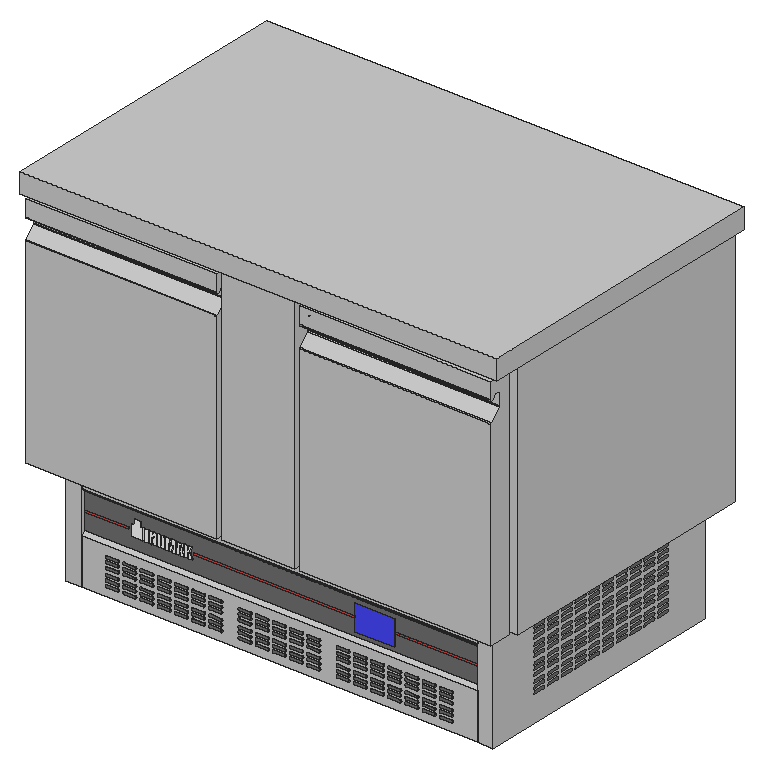
Revit family "QF_INOMAK_BPVP7300_250611012940", category Specialty Equipment, Revit 2021
Family settings
  Round Connector Dimension = Use Diameter
  Part Type = Normal
  OmniClass Number = 23.40.40.14
  OmniClass Title = Food Service Equipment
  Work Plane-Based = No
  Always vertical = Yes
  Cut with Voids When Loaded = No
  Shared = No
  Room Calculation Point = No
Parameters (values of type "BPVP7300")
  Weight [instance] = 91.00 kg
  Warranty Start Date [instance] = ""
  Warranty Duration [instance] = ""
  Volts [instance] = 230 V
  Volt Free Conn [instance] = no
  URL Recommended Spares List [instance] = ""
  URL Manufacturer [instance] = ""
  URL Cutsheet [instance] = ""
  URL Critical Spares List [instance] = ""
  URL = "www.inomak.com"
  Technical Documentation [instance] = ""
  Tag Number [instance] = ""
  Status [instance] = ""
  Start Up Current [instance] = 0 A
  Specification by User [instance] = ""
  Specification by Manufacturer [instance] = ""
  Sound Level [instance] = ""
  Show Logo [instance] = yes
  Show Clearances [instance] = yes
  Service Life Duration [instance] = ""
  Serial Number [instance] = ""
  Seismic Rating [instance] = ""
  SMACNA No [instance] = ""
  Revision Code [instance] = ""
  Revision [instance] = ""
  Production Year [instance] = ""
  Potential Equalisation [instance] = no
  Point Load [instance] = 0
  Phase [instance] = 1
  Other Equipment Approvals [instance] = ""
  Operational Current [instance] = 0 A
  Number of Poles [instance] = 2
  No Load Power Draw [instance] = no
  NAFEM Spec ID Number [instance] = ""
  Model Warning [instance] = ""
  Model = "BPVP7300"
  Min Ckt Ampacity [instance] = 0 A
  Max Overcurrent Protection [instance] = 10 A
  Masterspec [instance] = ""
  Manufacturer = "INOMAK"
  Main switch integrated [instance] = no
  Length Actual [instance] = 1080 mm
  Item Number [instance] = ""
  Installed By [instance] = ""
  Installation Date [instance] = ""
  Identify Quantity as Lot [instance] = no
  ID [instance] = ""
  Hygiene Approval [instance] = ""
  Height Actual [instance] = 858 mm
  HP power [instance] = ""
  Furnished By [instance] = ""
  Foodservice Equipment Identifier [instance] = no
  FL Amps [instance] = 2.8 A
  Electrical Remarks [instance] = ""
  Electric power [instance] = 340 W
  Electric Connection Type [instance] = ""
  Elec Conn RI Height [instance] = 0 mm
  Elec Conn Connection Height [instance] = 0 mm
  ETL Approved [instance] = no
  Description = "BOLETUS CHILLER COUNTER WITH 2 DOORS, BASE MOTOR"
  Depth Actual [instance] = 700 mm
  Default Elevation = 0 mm
  Cycle [instance] = 50 Hz
  Cost = 0
  Connection to energy optimisation system [instance] = yes
  Conn Plug [instance] = ""
  Conn Conduit [instance] = no
  Centralized building control system with digital interface [instance] = ""
  CSI MasterFormat [instance] = ""
  CE Approved [instance] = no
  Barcode [instance] = 0
  Author [instance] = ""
  Asset Identifier [instance] = ""
  Apparent Power [instance] = 340 VA
  Accessory [instance] = no
Reference planes
  plane 1 "Center (Front/Back)": y = 0
  plane 2: z = 0
  plane 3 "Center (Left/Right)": x = 0
Forms (mm)
  Extrusion 1, solid, not visible
    sketch origin (1000.049, -42.002, 150.007) x (1, 0, 0) y (0, 1, 0)
      loop
        line (-2, 2) -> (-2, -2) -> (2, -2) -> (2, 2) -> (-2, 2)
    from -2 to 2
Dimensions and locks
  locked: Extrusion 1 to nested 2
  locked: nested 2 to Extrusion 1 at 2
  aligned and locked: level to plane 2
Nested families
  nested 1: "QF_INOMAK_REF_BASE_MOTOR_2920" at (0, 0, 0), type "BPVP7300"
    with Weight 91.00 kg, Warranty Start Date "", Warranty Duration "", URL Cutsheet "", Technical Documentation "", Tag Number "", Status "", Specification by User "", Specification by Manufacturer "", Sound Level "", Solid Fuel Type "", Show Clearances yes, Show Clearance yes, Service Life Duration "", Serial Number "", Seismic Rating "", SMACNA No "", Revision Code "", Revision "", Production Year "", Point Load 0, Other Equipment Approvals "", NAFEM Spec ID Number "", Model Warning "", Masterspec "", Length Actual 1080 mm, Item Number "", Installed By "", Installation Date "", Identify Quantity as Lot yes, ID "", Hygiene Approval "", Height Actual 858 mm, Furnished By "", Foodservice Equipment Identifier yes, Finish none, ETL Approved yes, Depth Actual 700 mm, CSI MasterFormat "", CE Approved yes, Barcode "", Author "", Asset Identifier "", Accessory no
  nested 2: "CONN_POINT_ELE_2D___Generic_Annotation" at (1000.049, -40.002, 150.007), type "CONN_POINT_ELE_2D___Generic_Annotation"
    with Onboard connection annotation symbol visibility yes
  nested 3: "QF_INOMAK_REF_COUNTERS_WORKTOPS_5707" at (0, 0, 812), type "WTWT-1080-700"
    with Worktop without backsplash yes, Worktop with backsplash no, Worktop type 3, Worktop thickness 46 mm, Without worktop no, Weight 0.00 kg, Warranty Start Date "", Warranty Duration "", URL Cutsheet "", Technical Documentation "", Tag Number "", Status "", Specification by User "", Specification by Manufacturer "", Sound Level "", Solid Fuel Type "", Show Logo yes, Show Clearances yes, Service Life Duration "", Serial Number "", Seismic Rating "", SMACNA No "", Revision Code "", Revision "", Production Year "", Point Load 0, Other Equipment Approvals "", NAFEM Spec ID Number "", Model Warning "", Masterspec "", Length Actual 1080 mm, Item Number "", Installed By "", Installation Date "", Identify Quantity as Lot yes, ID "", Hygiene Approval "", Height Actual 46 mm, Height AFF 0 mm, Furnished By "", Foodservice Equipment Identifier yes, Finish none, ETL Approved yes, Depth Actual 700 mm, CSI MasterFormat "", CE Approved yes, Barcode "", Backsplash thickness 20 mm, Backsplash height 60 mm, Author "", Asset Identifier "", Accessory yes
Connectors
  electrical at (1000.049, -40.002, 150.007), driven by "Apparent Power", driven by "Number of Poles", driven by "Volts"
    settings: on Extrusion 1, index 1, voltage 230 V, apparent load 0 VA, apparent load phase1 340 VA, apparent load phase2 0 VA, apparent load phase3 0 VA, power factor 1, load classification "Other", number of poles 2, system type 31, power factor state 1, is connector primary yes, connector utility no, sub classification motor no, connector description "Electrical connection for BPVP7300"
Definition of nested family "QF_INOMAK_REF_BASE_MOTOR_2920"
  Parameters (values of type "BRVP7300")
    Weight [instance] = 0.00 kg
    Warranty Start Date [instance] = ""
    Warranty Duration [instance] = ""
    URL Cutsheet [instance] = ""
    URL = "www.inomak.com"
    Technical Documentation [instance] = ""
    Tag Number [instance] = ""
    Status [instance] = ""
    Specification by User [instance] = ""
    Specification by Manufacturer [instance] = ""
    Sound Level [instance] = ""
    Solid Fuel Type [instance] = ""
    Show Logo = yes
    Show Clearances [instance] = yes
    Show Clearance [instance] = yes
    Service Life Duration [instance] = ""
    Serial Number [instance] = ""
    Seismic Rating [instance] = ""
    SMACNA No [instance] = ""
    Revision Code [instance] = ""
    Revision [instance] = ""
    Production Year [instance] = ""
    Point Load [instance] = 0
    Other Equipment Approvals [instance] = ""
    NAFEM Spec ID Number [instance] = ""
    Model Warning [instance] = ""
    Model = "BRVP7300"
    Masterspec [instance] = ""
    Manufacturer = "INOMAK"
    Length Actual [instance] = 0 mm
    Item Number [instance] = ""
    Installed By [instance] = ""
    Installation Date [instance] = ""
    Identify Quantity as Lot [instance] = yes
    ID [instance] = ""
    Hygiene Approval [instance] = ""
    Height Actual [instance] = 0 mm
    Furnished By [instance] = ""
    Foodservice Equipment Identifier [instance] = yes
    Finish [instance] = none
    ETL Approved [instance] = yes
    Description = "BOLETUS SALADETTE COUNTER WITH DOUBLE SNEEZE GUARD AND 2 DOORS, BASE MOTOR"
    Depth Actual [instance] = 0 mm
    Default Elevation = 0 mm
    CSI MasterFormat [instance] = ""
    CE Approved [instance] = yes
    Barcode [instance] = ""
    Author [instance] = ""
    Asset Identifier [instance] = ""
    Assembly Code = "E1090320"
    Accessory [instance] = yes
  Types (7, lengths in mm): name | Model | Description
    BPVP7300 | "BPVP7300" | "BOLETUS CHILLER COUNTER WITH 2 DOORS, BASE MOTOR"
    BSVP77 | "BSVP77" | "BOLETUS CHILLER COUNTER WITH 2 DOORS AND RETRACTABLE LID, BASE MOTOR"
    BSVP7300 | "BSVP7300" | "BOLETUS REFRIGERATED COUNTER WITH BASE MOTOR AND FLEXIBLE VITRINE SYSTEM"
    BPZP7300 | "BPZP7300" | "BOLETUS SALADETTE COUNTER WITH PREP STATION AND 2 DOORS, BASE MOTOR"
    BVVP7300 | "BVVP7300" | "BOLETUS SALADETTE COUNTER WITH SINGLE SNEEZE GUARD AND 2 DOORS, BASE MOTOR"
    BSQP7300 | "BSQP7300" | "BOLETUS SALADETTE COUNTER WITH SQUARE SHOWCASE AND 2 DOORS, BASE MOTOR"
    BRVP7300 | "BRVP7300" | "BOLETUS SALADETTE COUNTER WITH DOUBLE SNEEZE GUARD AND 2 DOORS, BASE MOTOR"
  Reference planes
    plane 1 "Back": y = 0
    plane 2: z = 0
    plane 3 "Left": x = 0
    plane 4 "Right": x = 1080
    plane 5 "Front": y = -700
    plane 6 "Top": z = 812
  Forms (mm)
    Extrusion 1, solid
      sketch origin (-1817.685, -640, 3553.67) x (-1, 0, 0) y (0, 0, 1)
        loop
          line (-2612.685, -3353.789) -> (-2612.685, -3411.65) -> (-2522.133, -3411.65) -> (-2522.133, -3353.789) -> (-2612.685, -3353.789)
      from 7.3 to 10.302
    Extrusion 2, solid
      sketch origin (-1732.685, -640, 3553.67) x (-1, 0, 0) y (0, 0, 1)
        loop
          line (-1823.685, -3342.27) -> (-2721.685, -3342.27) -> (-2721.685, -3421.309) -> (-1823.685, -3421.309) -> (-1823.685, -3342.27)
      from 7.8 to 10.302
    Extrusion 3, solid, visible <- "Show Logo"
      sketch origin (-1577.685, -640, 3553.67) x (-1, 0, 0) y (0, 0, 1)
        loop
          line (-1776.745, -3369.74) -> (-1782.745, -3369.74) -> (-1782.745, -3358.633) -> (-1796.982, -3358.633) -> (-1796.982, -3369.74) -> (-1802.982, -3369.74) -> (-1802.982, -3395.99) -> (-1776.745, -3395.99) -> (-1776.745, -3369.74)
        loop
          line (-1807.298, -3370.052) -> (-1814.587, -3370.052) -> (-1814.587, -3395.99) -> (-1807.298, -3395.99) -> (-1807.298, -3370.052)
        loop
          line (-1817.107, -3395.99) -> (-1817.107, -3370.052) -> (-1823.94, -3370.052) -> (-1827.134, -3381.971) -> (-1827.134, -3370.052) -> (-1833.666, -3370.052) -> (-1833.666, -3395.99) -> (-1827.134, -3395.99) -> (-1823.42, -3382.127) -> (-1823.42, -3395.99) -> (-1817.107, -3395.99)
        loop
          line (-1854.348, -3395.99) -> (-1854.348, -3370.052) -> (-1863.311, -3370.052) -> (-1865.673, -3384.062) -> (-1868.035, -3370.052) -> (-1876.997, -3370.052) -> (-1876.997, -3395.99) -> (-1870.372, -3395.99) -> (-1870.372, -3382.127) -> (-1868.035, -3395.99) -> (-1863.311, -3395.99) -> (-1860.973, -3382.127) -> (-1860.973, -3395.99) -> (-1854.348, -3395.99)
        loop
          line (-1839.536, -3370.052) -> (-1848.861, -3370.052)
          arc (-1848.861, -3370.052) -> (-1851.458, -3371.128) -> (-1852.533, -3373.724) r 3.672
          line (-1852.533, -3373.724) -> (-1852.533, -3392.318)
          arc (-1852.533, -3392.318) -> (-1851.458, -3394.914) -> (-1848.861, -3395.99) r 3.672
          line (-1848.861, -3395.99) -> (-1839.536, -3395.99)
          arc (-1839.536, -3395.99) -> (-1836.939, -3394.914) -> (-1835.864, -3392.318) r 3.672
          line (-1835.864, -3392.318) -> (-1835.864, -3373.724)
          arc (-1835.864, -3373.724) -> (-1836.939, -3371.128) -> (-1839.536, -3370.052) r 3.672
        loop
          arc (-1843.172, -3373.208) -> (-1844.198, -3372.181) -> (-1845.225, -3373.208) r 1.027
          line (-1845.225, -3373.208) -> (-1845.225, -3391.801)
          arc (-1845.225, -3391.801) -> (-1844.198, -3392.828) -> (-1843.172, -3391.801) r 1.027
          line (-1843.172, -3391.801) -> (-1843.172, -3373.208)
        loop
          line (-1878.066, -3395.99) -> (-1882.439, -3370.052) -> (-1891.3, -3370.052) -> (-1895.673, -3395.99) -> (-1889.146, -3395.99) -> (-1888.536, -3391.027) -> (-1885.203, -3391.027) -> (-1884.593, -3395.99) -> (-1878.066, -3395.99)
        loop
          line (-1885.759, -3386.498) -> (-1886.87, -3377.452) -> (-1887.98, -3386.498) -> (-1885.759, -3386.498)
        loop
          line (-1896.638, -3395.99) -> (-1896.638, -3370.052) -> (-1903.263, -3370.052) -> (-1903.263, -3379.165) -> (-1906.049, -3370.052) -> (-1913.487, -3370.052) -> (-1909.159, -3381.329) -> (-1914.207, -3395.99) -> (-1906.623, -3395.99) -> (-1903.263, -3383.45) -> (-1903.263, -3395.99) -> (-1896.638, -3395.99)
      from 7.3 to 10.3
    Extrusion 4, solid
      sketch origin (-1732.685, -640, 3553.67) x (-1, 0, 0) y (0, 0, 1)
        loop
          line (-1823.685, -3379.789) -> (-1924.679, -3379.789) -> (-1924.679, -3383.789) -> (-1823.685, -3383.789) -> (-1823.685, -3379.789)
        loop
          line (-2073.161, -3379.789) -> (-2437.133, -3379.789) -> (-2437.133, -3383.789) -> (-2073.161, -3383.789) -> (-2073.161, -3379.789)
        loop
          line (-2721.685, -3379.789) -> (-2721.685, -3383.789) -> (-2527.685, -3383.789) -> (-2527.685, -3379.789) -> (-2721.685, -3379.789)
      from 7.3 to 10.302
    Extrusion 5, solid, material <- "Finish"
      sketch origin (0, 84.612, -2428.33) x (0, 1, 0) y (0, 0, 1)
        loop
          line (-724.612, 2698.33) -> (-724.612, 2648.032) -> (-716.31, 2639.73) -> (-716.31, 2560.691) -> (-724.612, 2552.389) -> (-724.612, 2448.33) -> (-124.612, 2448.33) -> (-124.612, 2698.33) -> (-724.612, 2698.33)
      from 91 to 989
    Extrusion 6, solid, material <- "Finish"
      sketch origin (56, -9.097, -395.687) x (1, 0, 0) y (0, 1, 0)
        loop
          line (0, -630.903) -> (35, -630.903) -> (35, -30.903) -> (0, -30.903) -> (0, -630.903)
      from 415.687 to 665.687
    Extrusion 7, solid, material <- "Finish"
      sketch origin (664, -9.097, -395.687) x (-1, 0, 0) y (0, -1, 0)
        loop
          line (-360, 630.903) -> (-360, 30.903) -> (-325, 30.903) -> (-325, 630.903) -> (-360, 630.903)
      from 415.687 to 665.687
    Extrusion 8, solid
      sketch origin (-1577.755, -657, -505.005) x (-1, 0, 0) y (0, 0, 1)
        loop
          arc (-1985.436, 609.535) -> (-1988.436, 606.535) -> (-1985.436, 603.535) r 3
          line (-1985.436, 603.535) -> (-1961.436, 603.535)
          arc (-1961.436, 603.535) -> (-1958.436, 606.535) -> (-1961.436, 609.535) r 3
          line (-1961.436, 609.535) -> (-1985.436, 609.535)
        loop
          arc (-1946.436, 609.535) -> (-1949.436, 606.535) -> (-1946.436, 603.535) r 3
          line (-1946.436, 603.535) -> (-1922.436, 603.535)
          arc (-1922.436, 603.535) -> (-1919.436, 606.535) -> (-1922.436, 609.535) r 3
          line (-1922.436, 609.535) -> (-1946.436, 609.535)
        loop
          arc (-1907.436, 609.535) -> (-1910.436, 606.535) -> (-1907.436, 603.535) r 3
          line (-1907.436, 603.535) -> (-1883.436, 603.535)
          arc (-1883.436, 603.535) -> (-1880.436, 606.535) -> (-1883.436, 609.535) r 3
          line (-1883.436, 609.535) -> (-1907.436, 609.535)
        loop
          arc (-1868.436, 609.535) -> (-1871.436, 606.535) -> (-1868.436, 603.535) r 3
          line (-1868.436, 603.535) -> (-1844.436, 603.535)
          arc (-1844.436, 603.535) -> (-1841.436, 606.535) -> (-1844.436, 609.535) r 3
          line (-1844.436, 609.535) -> (-1868.436, 609.535)
        loop
          arc (-1829.436, 609.535) -> (-1832.436, 606.535) -> (-1829.436, 603.535) r 3
          line (-1829.436, 603.535) -> (-1805.436, 603.535)
          arc (-1805.436, 603.535) -> (-1802.436, 606.535) -> (-1805.436, 609.535) r 3
          line (-1805.436, 609.535) -> (-1829.436, 609.535)
        loop
          arc (-1790.436, 609.535) -> (-1793.436, 606.535) -> (-1790.436, 603.535) r 3
          line (-1790.436, 603.535) -> (-1766.436, 603.535)
          arc (-1766.436, 603.535) -> (-1763.436, 606.535) -> (-1766.436, 609.535) r 3
          line (-1766.436, 609.535) -> (-1790.436, 609.535)
        loop
          arc (-1751.436, 609.535) -> (-1754.436, 606.535) -> (-1751.436, 603.535) r 3
          line (-1751.436, 603.535) -> (-1727.436, 603.535)
          arc (-1727.436, 603.535) -> (-1724.436, 606.535) -> (-1727.436, 609.535) r 3
          line (-1727.436, 609.535) -> (-1751.436, 609.535)
        loop
          arc (-1985.436, 598.535) -> (-1988.436, 595.535) -> (-1985.436, 592.535) r 3
          line (-1985.436, 592.535) -> (-1961.436, 592.535)
          arc (-1961.436, 592.535) -> (-1958.436, 595.535) -> (-1961.436, 598.535) r 3
          line (-1961.436, 598.535) -> (-1985.436, 598.535)
        loop
          arc (-1946.436, 598.535) -> (-1949.436, 595.535) -> (-1946.436, 592.535) r 3
          line (-1946.436, 592.535) -> (-1922.436, 592.535)
          arc (-1922.436, 592.535) -> (-1919.436, 595.535) -> (-1922.436, 598.535) r 3
          line (-1922.436, 598.535) -> (-1946.436, 598.535)
        loop
          arc (-1907.436, 598.535) -> (-1910.436, 595.535) -> (-1907.436, 592.535) r 3
          line (-1907.436, 592.535) -> (-1883.436, 592.535)
          arc (-1883.436, 592.535) -> (-1880.436, 595.535) -> (-1883.436, 598.535) r 3
          line (-1883.436, 598.535) -> (-1907.436, 598.535)
        loop
          arc (-1868.436, 598.535) -> (-1871.436, 595.535) -> (-1868.436, 592.535) r 3
          line (-1868.436, 592.535) -> (-1844.436, 592.535)
          arc (-1844.436, 592.535) -> (-1841.436, 595.535) -> (-1844.436, 598.535) r 3
          line (-1844.436, 598.535) -> (-1868.436, 598.535)
        loop
          arc (-1829.436, 598.535) -> (-1832.436, 595.535) -> (-1829.436, 592.535) r 3
          line (-1829.436, 592.535) -> (-1805.436, 592.535)
          arc (-1805.436, 592.535) -> (-1802.436, 595.535) -> (-1805.436, 598.535) r 3
          line (-1805.436, 598.535) -> (-1829.436, 598.535)
        loop
          arc (-1790.436, 598.535) -> (-1793.436, 595.535) -> (-1790.436, 592.535) r 3
          line (-1790.436, 592.535) -> (-1766.436, 592.535)
          arc (-1766.436, 592.535) -> (-1763.436, 595.535) -> (-1766.436, 598.535) r 3
          line (-1766.436, 598.535) -> (-1790.436, 598.535)
        loop
          arc (-1751.436, 598.535) -> (-1754.436, 595.535) -> (-1751.436, 592.535) r 3
          line (-1751.436, 592.535) -> (-1727.436, 592.535)
          arc (-1727.436, 592.535) -> (-1724.436, 595.535) -> (-1727.436, 598.535) r 3
          line (-1727.436, 598.535) -> (-1751.436, 598.535)
        loop
          arc (-1985.436, 587.535) -> (-1988.436, 584.535) -> (-1985.436, 581.535) r 3
          line (-1985.436, 581.535) -> (-1961.436, 581.535)
          arc (-1961.436, 581.535) -> (-1958.436, 584.535) -> (-1961.436, 587.535) r 3
          line (-1961.436, 587.535) -> (-1985.436, 587.535)
        loop
          arc (-1946.436, 587.535) -> (-1949.436, 584.535) -> (-1946.436, 581.535) r 3
          line (-1946.436, 581.535) -> (-1922.436, 581.535)
          arc (-1922.436, 581.535) -> (-1919.436, 584.535) -> (-1922.436, 587.535) r 3
          line (-1922.436, 587.535) -> (-1946.436, 587.535)
        loop
          arc (-1907.436, 587.535) -> (-1910.436, 584.535) -> (-1907.436, 581.535) r 3
          line (-1907.436, 581.535) -> (-1883.436, 581.535)
          arc (-1883.436, 581.535) -> (-1880.436, 584.535) -> (-1883.436, 587.535) r 3
          line (-1883.436, 587.535) -> (-1907.436, 587.535)
        loop
          arc (-1868.436, 587.535) -> (-1871.436, 584.535) -> (-1868.436, 581.535) r 3
          line (-1868.436, 581.535) -> (-1844.436, 581.535)
          arc (-1844.436, 581.535) -> (-1841.436, 584.535) -> (-1844.436, 587.535) r 3
          line (-1844.436, 587.535) -> (-1868.436, 587.535)
        loop
          arc (-1829.436, 587.535) -> (-1832.436, 584.535) -> (-1829.436, 581.535) r 3
          line (-1829.436, 581.535) -> (-1805.436, 581.535)
          arc (-1805.436, 581.535) -> (-1802.436, 584.535) -> (-1805.436, 587.535) r 3
          line (-1805.436, 587.535) -> (-1829.436, 587.535)
        loop
          arc (-1790.436, 587.535) -> (-1793.436, 584.535) -> (-1790.436, 581.535) r 3
          line (-1790.436, 581.535) -> (-1766.436, 581.535)
          arc (-1766.436, 581.535) -> (-1763.436, 584.535) -> (-1766.436, 587.535) r 3
          line (-1766.436, 587.535) -> (-1790.436, 587.535)
        loop
          arc (-1751.436, 587.535) -> (-1754.436, 584.535) -> (-1751.436, 581.535) r 3
          line (-1751.436, 581.535) -> (-1727.436, 581.535)
          arc (-1727.436, 581.535) -> (-1724.436, 584.535) -> (-1727.436, 587.535) r 3
          line (-1727.436, 587.535) -> (-1751.436, 587.535)
        loop
          arc (-1985.436, 572.535) -> (-1988.436, 569.535) -> (-1985.436, 566.535) r 3
          line (-1985.436, 566.535) -> (-1961.436, 566.535)
          arc (-1961.436, 566.535) -> (-1958.436, 569.535) -> (-1961.436, 572.535) r 3
          line (-1961.436, 572.535) -> (-1985.436, 572.535)
        loop
          arc (-1946.436, 572.535) -> (-1949.436, 569.535) -> (-1946.436, 566.535) r 3
          line (-1946.436, 566.535) -> (-1922.436, 566.535)
          arc (-1922.436, 566.535) -> (-1919.436, 569.535) -> (-1922.436, 572.535) r 3
          line (-1922.436, 572.535) -> (-1946.436, 572.535)
        loop
          arc (-1907.436, 572.535) -> (-1910.436, 569.535) -> (-1907.436, 566.535) r 3
          line (-1907.436, 566.535) -> (-1883.436, 566.535)
          arc (-1883.436, 566.535) -> (-1880.436, 569.535) -> (-1883.436, 572.535) r 3
          line (-1883.436, 572.535) -> (-1907.436, 572.535)
        loop
          arc (-1868.436, 572.535) -> (-1871.436, 569.535) -> (-1868.436, 566.535) r 3
          line (-1868.436, 566.535) -> (-1844.436, 566.535)
          arc (-1844.436, 566.535) -> (-1841.436, 569.535) -> (-1844.436, 572.535) r 3
          line (-1844.436, 572.535) -> (-1868.436, 572.535)
        loop
          arc (-1829.436, 572.535) -> (-1832.436, 569.535) -> (-1829.436, 566.535) r 3
          line (-1829.436, 566.535) -> (-1805.436, 566.535)
          arc (-1805.436, 566.535) -> (-1802.436, 569.535) -> (-1805.436, 572.535) r 3
          line (-1805.436, 572.535) -> (-1829.436, 572.535)
        loop
          arc (-1790.436, 572.535) -> (-1793.436, 569.535) -> (-1790.436, 566.535) r 3
          line (-1790.436, 566.535) -> (-1766.436, 566.535)
          arc (-1766.436, 566.535) -> (-1763.436, 569.535) -> (-1766.436, 572.535) r 3
          line (-1766.436, 572.535) -> (-1790.436, 572.535)
        loop
          arc (-1751.436, 572.535) -> (-1754.436, 569.535) -> (-1751.436, 566.535) r 3
          line (-1751.436, 566.535) -> (-1727.436, 566.535)
          arc (-1727.436, 566.535) -> (-1724.436, 569.535) -> (-1727.436, 572.535) r 3
          line (-1727.436, 572.535) -> (-1751.436, 572.535)
        loop
          arc (-1985.436, 561.535) -> (-1988.436, 558.535) -> (-1985.436, 555.535) r 3
          line (-1985.436, 555.535) -> (-1961.436, 555.535)
          arc (-1961.436, 555.535) -> (-1958.436, 558.535) -> (-1961.436, 561.535) r 3
          line (-1961.436, 561.535) -> (-1985.436, 561.535)
        loop
          arc (-1946.436, 561.535) -> (-1949.436, 558.535) -> (-1946.436, 555.535) r 3
          line (-1946.436, 555.535) -> (-1922.436, 555.535)
          arc (-1922.436, 555.535) -> (-1919.436, 558.535) -> (-1922.436, 561.535) r 3
          line (-1922.436, 561.535) -> (-1946.436, 561.535)
        loop
          arc (-1907.436, 561.535) -> (-1910.436, 558.535) -> (-1907.436, 555.535) r 3
          line (-1907.436, 555.535) -> (-1883.436, 555.535)
          arc (-1883.436, 555.535) -> (-1880.436, 558.535) -> (-1883.436, 561.535) r 3
          line (-1883.436, 561.535) -> (-1907.436, 561.535)
        loop
          arc (-1868.436, 561.535) -> (-1871.436, 558.535) -> (-1868.436, 555.535) r 3
          line (-1868.436, 555.535) -> (-1844.436, 555.535)
          arc (-1844.436, 555.535) -> (-1841.436, 558.535) -> (-1844.436, 561.535) r 3
          line (-1844.436, 561.535) -> (-1868.436, 561.535)
        loop
          arc (-1829.436, 561.535) -> (-1832.436, 558.535) -> (-1829.436, 555.535) r 3
          line (-1829.436, 555.535) -> (-1805.436, 555.535)
          arc (-1805.436, 555.535) -> (-1802.436, 558.535) -> (-1805.436, 561.535) r 3
          line (-1805.436, 561.535) -> (-1829.436, 561.535)
        loop
          arc (-1790.436, 561.535) -> (-1793.436, 558.535) -> (-1790.436, 555.535) r 3
          line (-1790.436, 555.535) -> (-1766.436, 555.535)
          arc (-1766.436, 555.535) -> (-1763.436, 558.535) -> (-1766.436, 561.535) r 3
          line (-1766.436, 561.535) -> (-1790.436, 561.535)
        loop
          arc (-1751.436, 561.535) -> (-1754.436, 558.535) -> (-1751.436, 555.535) r 3
          line (-1751.436, 555.535) -> (-1727.436, 555.535)
          arc (-1727.436, 555.535) -> (-1724.436, 558.535) -> (-1727.436, 561.535) r 3
          line (-1727.436, 561.535) -> (-1751.436, 561.535)
        loop
          arc (-1985.436, 550.535) -> (-1988.436, 547.535) -> (-1985.436, 544.535) r 3
          line (-1985.436, 544.535) -> (-1961.436, 544.535)
          arc (-1961.436, 544.535) -> (-1958.436, 547.535) -> (-1961.436, 550.535) r 3
          line (-1961.436, 550.535) -> (-1985.436, 550.535)
        loop
          arc (-1946.436, 550.535) -> (-1949.436, 547.535) -> (-1946.436, 544.535) r 3
          line (-1946.436, 544.535) -> (-1922.436, 544.535)
          arc (-1922.436, 544.535) -> (-1919.436, 547.535) -> (-1922.436, 550.535) r 3
          line (-1922.436, 550.535) -> (-1946.436, 550.535)
        loop
          arc (-1907.436, 550.535) -> (-1910.436, 547.535) -> (-1907.436, 544.535) r 3
          line (-1907.436, 544.535) -> (-1883.436, 544.535)
          arc (-1883.436, 544.535) -> (-1880.436, 547.535) -> (-1883.436, 550.535) r 3
          line (-1883.436, 550.535) -> (-1907.436, 550.535)
        loop
          arc (-1868.436, 550.535) -> (-1871.436, 547.535) -> (-1868.436, 544.535) r 3
          line (-1868.436, 544.535) -> (-1844.436, 544.535)
          arc (-1844.436, 544.535) -> (-1841.436, 547.535) -> (-1844.436, 550.535) r 3
          line (-1844.436, 550.535) -> (-1868.436, 550.535)
        loop
          arc (-1829.436, 550.535) -> (-1832.436, 547.535) -> (-1829.436, 544.535) r 3
          line (-1829.436, 544.535) -> (-1805.436, 544.535)
          arc (-1805.436, 544.535) -> (-1802.436, 547.535) -> (-1805.436, 550.535) r 3
          line (-1805.436, 550.535) -> (-1829.436, 550.535)
        loop
          arc (-1790.436, 550.535) -> (-1793.436, 547.535) -> (-1790.436, 544.535) r 3
          line (-1790.436, 544.535) -> (-1766.436, 544.535)
          arc (-1766.436, 544.535) -> (-1763.436, 547.535) -> (-1766.436, 550.535) r 3
          line (-1766.436, 550.535) -> (-1790.436, 550.535)
        loop
          arc (-1751.436, 550.535) -> (-1754.436, 547.535) -> (-1751.436, 544.535) r 3
          line (-1751.436, 544.535) -> (-1727.436, 544.535)
          arc (-1727.436, 544.535) -> (-1724.436, 547.535) -> (-1727.436, 550.535) r 3
          line (-1727.436, 550.535) -> (-1751.436, 550.535)
        loop
          line (-2250.075, 609.535) -> (-2274.075, 609.535)
          arc (-2274.075, 609.535) -> (-2277.075, 606.535) -> (-2274.075, 603.535) r 3
          line (-2274.075, 603.535) -> (-2250.075, 603.535)
          arc (-2250.075, 603.535) -> (-2247.075, 606.535) -> (-2250.075, 609.535) r 3
        loop
          line (-2289.075, 609.535) -> (-2313.075, 609.535)
          arc (-2313.075, 609.535) -> (-2316.075, 606.535) -> (-2313.075, 603.535) r 3
          line (-2313.075, 603.535) -> (-2289.075, 603.535)
          arc (-2289.075, 603.535) -> (-2286.075, 606.535) -> (-2289.075, 609.535) r 3
        loop
          line (-2328.075, 609.535) -> (-2352.075, 609.535)
          arc (-2352.075, 609.535) -> (-2355.075, 606.535) -> (-2352.075, 603.535) r 3
          line (-2352.075, 603.535) -> (-2328.075, 603.535)
          arc (-2328.075, 603.535) -> (-2325.075, 606.535) -> (-2328.075, 609.535) r 3
        loop
          line (-2367.075, 609.535) -> (-2391.075, 609.535)
          arc (-2391.075, 609.535) -> (-2394.075, 606.535) -> (-2391.075, 603.535) r 3
          line (-2391.075, 603.535) -> (-2367.075, 603.535)
          arc (-2367.075, 603.535) -> (-2364.075, 606.535) -> (-2367.075, 609.535) r 3
        loop
          line (-2406.075, 609.535) -> (-2430.075, 609.535)
          arc (-2430.075, 609.535) -> (-2433.075, 606.535) -> (-2430.075, 603.535) r 3
          line (-2430.075, 603.535) -> (-2406.075, 603.535)
          arc (-2406.075, 603.535) -> (-2403.075, 606.535) -> (-2406.075, 609.535) r 3
        loop
          line (-2445.075, 609.535) -> (-2469.075, 609.535)
          arc (-2469.075, 609.535) -> (-2472.075, 606.535) -> (-2469.075, 603.535) r 3
          line (-2469.075, 603.535) -> (-2445.075, 603.535)
          arc (-2445.075, 603.535) -> (-2442.075, 606.535) -> (-2445.075, 609.535) r 3
        loop
          line (-2484.075, 609.535) -> (-2508.075, 609.535)
          arc (-2508.075, 609.535) -> (-2511.075, 606.535) -> (-2508.075, 603.535) r 3
          line (-2508.075, 603.535) -> (-2484.075, 603.535)
          arc (-2484.075, 603.535) -> (-2481.075, 606.535) -> (-2484.075, 609.535) r 3
        loop
          line (-2250.075, 598.535) -> (-2274.075, 598.535)
          arc (-2274.075, 598.535) -> (-2277.075, 595.535) -> (-2274.075, 592.535) r 3
          line (-2274.075, 592.535) -> (-2250.075, 592.535)
          arc (-2250.075, 592.535) -> (-2247.075, 595.535) -> (-2250.075, 598.535) r 3
        loop
          line (-2289.075, 598.535) -> (-2313.075, 598.535)
          arc (-2313.075, 598.535) -> (-2316.075, 595.535) -> (-2313.075, 592.535) r 3
          line (-2313.075, 592.535) -> (-2289.075, 592.535)
          arc (-2289.075, 592.535) -> (-2286.075, 595.535) -> (-2289.075, 598.535) r 3
        loop
          line (-2328.075, 598.535) -> (-2352.075, 598.535)
          arc (-2352.075, 598.535) -> (-2355.075, 595.535) -> (-2352.075, 592.535) r 3
          line (-2352.075, 592.535) -> (-2328.075, 592.535)
          arc (-2328.075, 592.535) -> (-2325.075, 595.535) -> (-2328.075, 598.535) r 3
        loop
          line (-2367.075, 598.535) -> (-2391.075, 598.535)
          arc (-2391.075, 598.535) -> (-2394.075, 595.535) -> (-2391.075, 592.535) r 3
          line (-2391.075, 592.535) -> (-2367.075, 592.535)
          arc (-2367.075, 592.535) -> (-2364.075, 595.535) -> (-2367.075, 598.535) r 3
        loop
          line (-2406.075, 598.535) -> (-2430.075, 598.535)
          arc (-2430.075, 598.535) -> (-2433.075, 595.535) -> (-2430.075, 592.535) r 3
          line (-2430.075, 592.535) -> (-2406.075, 592.535)
          arc (-2406.075, 592.535) -> (-2403.075, 595.535) -> (-2406.075, 598.535) r 3
        loop
          line (-2445.075, 598.535) -> (-2469.075, 598.535)
          arc (-2469.075, 598.535) -> (-2472.075, 595.535) -> (-2469.075, 592.535) r 3
          line (-2469.075, 592.535) -> (-2445.075, 592.535)
          arc (-2445.075, 592.535) -> (-2442.075, 595.535) -> (-2445.075, 598.535) r 3
        loop
          line (-2484.075, 598.535) -> (-2508.075, 598.535)
          arc (-2508.075, 598.535) -> (-2511.075, 595.535) -> (-2508.075, 592.535) r 3
          line (-2508.075, 592.535) -> (-2484.075, 592.535)
          arc (-2484.075, 592.535) -> (-2481.075, 595.535) -> (-2484.075, 598.535) r 3
        loop
          line (-2250.075, 587.535) -> (-2274.075, 587.535)
          arc (-2274.075, 587.535) -> (-2277.075, 584.535) -> (-2274.075, 581.535) r 3
          line (-2274.075, 581.535) -> (-2250.075, 581.535)
          arc (-2250.075, 581.535) -> (-2247.075, 584.535) -> (-2250.075, 587.535) r 3
        loop
          line (-2289.075, 587.535) -> (-2313.075, 587.535)
          arc (-2313.075, 587.535) -> (-2316.075, 584.535) -> (-2313.075, 581.535) r 3
          line (-2313.075, 581.535) -> (-2289.075, 581.535)
          arc (-2289.075, 581.535) -> (-2286.075, 584.535) -> (-2289.075, 587.535) r 3
        loop
          line (-2328.075, 587.535) -> (-2352.075, 587.535)
          arc (-2352.075, 587.535) -> (-2355.075, 584.535) -> (-2352.075, 581.535) r 3
          line (-2352.075, 581.535) -> (-2328.075, 581.535)
          arc (-2328.075, 581.535) -> (-2325.075, 584.535) -> (-2328.075, 587.535) r 3
        loop
          line (-2367.075, 587.535) -> (-2391.075, 587.535)
          arc (-2391.075, 587.535) -> (-2394.075, 584.535) -> (-2391.075, 581.535) r 3
          line (-2391.075, 581.535) -> (-2367.075, 581.535)
          arc (-2367.075, 581.535) -> (-2364.075, 584.535) -> (-2367.075, 587.535) r 3
        loop
          line (-2406.075, 587.535) -> (-2430.075, 587.535)
          arc (-2430.075, 587.535) -> (-2433.075, 584.535) -> (-2430.075, 581.535) r 3
          line (-2430.075, 581.535) -> (-2406.075, 581.535)
          arc (-2406.075, 581.535) -> (-2403.075, 584.535) -> (-2406.075, 587.535) r 3
        loop
          line (-2445.075, 587.535) -> (-2469.075, 587.535)
          arc (-2469.075, 587.535) -> (-2472.075, 584.535) -> (-2469.075, 581.535) r 3
          line (-2469.075, 581.535) -> (-2445.075, 581.535)
          arc (-2445.075, 581.535) -> (-2442.075, 584.535) -> (-2445.075, 587.535) r 3
        loop
          line (-2484.075, 587.535) -> (-2508.075, 587.535)
          arc (-2508.075, 587.535) -> (-2511.075, 584.535) -> (-2508.075, 581.535) r 3
          line (-2508.075, 581.535) -> (-2484.075, 581.535)
          arc (-2484.075, 581.535) -> (-2481.075, 584.535) -> (-2484.075, 587.535) r 3
        loop
          line (-2250.075, 572.535) -> (-2274.075, 572.535)
          arc (-2274.075, 572.535) -> (-2277.075, 569.535) -> (-2274.075, 566.535) r 3
          line (-2274.075, 566.535) -> (-2250.075, 566.535)
          arc (-2250.075, 566.535) -> (-2247.075, 569.535) -> (-2250.075, 572.535) r 3
        loop
          line (-2289.075, 572.535) -> (-2313.075, 572.535)
          arc (-2313.075, 572.535) -> (-2316.075, 569.535) -> (-2313.075, 566.535) r 3
          line (-2313.075, 566.535) -> (-2289.075, 566.535)
          arc (-2289.075, 566.535) -> (-2286.075, 569.535) -> (-2289.075, 572.535) r 3
        loop
          line (-2328.075, 572.535) -> (-2352.075, 572.535)
          arc (-2352.075, 572.535) -> (-2355.075, 569.535) -> (-2352.075, 566.535) r 3
          line (-2352.075, 566.535) -> (-2328.075, 566.535)
          arc (-2328.075, 566.535) -> (-2325.075, 569.535) -> (-2328.075, 572.535) r 3
        loop
          line (-2367.075, 572.535) -> (-2391.075, 572.535)
          arc (-2391.075, 572.535) -> (-2394.075, 569.535) -> (-2391.075, 566.535) r 3
          line (-2391.075, 566.535) -> (-2367.075, 566.535)
          arc (-2367.075, 566.535) -> (-2364.075, 569.535) -> (-2367.075, 572.535) r 3
        loop
          line (-2406.075, 572.535) -> (-2430.075, 572.535)
          arc (-2430.075, 572.535) -> (-2433.075, 569.535) -> (-2430.075, 566.535) r 3
          line (-2430.075, 566.535) -> (-2406.075, 566.535)
          arc (-2406.075, 566.535) -> (-2403.075, 569.535) -> (-2406.075, 572.535) r 3
        loop
          line (-2445.075, 572.535) -> (-2469.075, 572.535)
          arc (-2469.075, 572.535) -> (-2472.075, 569.535) -> (-2469.075, 566.535) r 3
          line (-2469.075, 566.535) -> (-2445.075, 566.535)
          arc (-2445.075, 566.535) -> (-2442.075, 569.535) -> (-2445.075, 572.535) r 3
        loop
          line (-2484.075, 572.535) -> (-2508.075, 572.535)
          arc (-2508.075, 572.535) -> (-2511.075, 569.535) -> (-2508.075, 566.535) r 3
          line (-2508.075, 566.535) -> (-2484.075, 566.535)
          arc (-2484.075, 566.535) -> (-2481.075, 569.535) -> (-2484.075, 572.535) r 3
        loop
          line (-2250.075, 561.535) -> (-2274.075, 561.535)
          arc (-2274.075, 561.535) -> (-2277.075, 558.535) -> (-2274.075, 555.535) r 3
          line (-2274.075, 555.535) -> (-2250.075, 555.535)
          arc (-2250.075, 555.535) -> (-2247.075, 558.535) -> (-2250.075, 561.535) r 3
        loop
          line (-2289.075, 561.535) -> (-2313.075, 561.535)
          arc (-2313.075, 561.535) -> (-2316.075, 558.535) -> (-2313.075, 555.535) r 3
          line (-2313.075, 555.535) -> (-2289.075, 555.535)
          arc (-2289.075, 555.535) -> (-2286.075, 558.535) -> (-2289.075, 561.535) r 3
        loop
          line (-2328.075, 561.535) -> (-2352.075, 561.535)
          arc (-2352.075, 561.535) -> (-2355.075, 558.535) -> (-2352.075, 555.535) r 3
          line (-2352.075, 555.535) -> (-2328.075, 555.535)
          arc (-2328.075, 555.535) -> (-2325.075, 558.535) -> (-2328.075, 561.535) r 3
        loop
          line (-2367.075, 561.535) -> (-2391.075, 561.535)
          arc (-2391.075, 561.535) -> (-2394.075, 558.535) -> (-2391.075, 555.535) r 3
          line (-2391.075, 555.535) -> (-2367.075, 555.535)
          arc (-2367.075, 555.535) -> (-2364.075, 558.535) -> (-2367.075, 561.535) r 3
        loop
          line (-2406.075, 561.535) -> (-2430.075, 561.535)
          arc (-2430.075, 561.535) -> (-2433.075, 558.535) -> (-2430.075, 555.535) r 3
          line (-2430.075, 555.535) -> (-2406.075, 555.535)
          arc (-2406.075, 555.535) -> (-2403.075, 558.535) -> (-2406.075, 561.535) r 3
        loop
          line (-2445.075, 561.535) -> (-2469.075, 561.535)
          arc (-2469.075, 561.535) -> (-2472.075, 558.535) -> (-2469.075, 555.535) r 3
          line (-2469.075, 555.535) -> (-2445.075, 555.535)
          arc (-2445.075, 555.535) -> (-2442.075, 558.535) -> (-2445.075, 561.535) r 3
        loop
          line (-2484.075, 561.535) -> (-2508.075, 561.535)
          arc (-2508.075, 561.535) -> (-2511.075, 558.535) -> (-2508.075, 555.535) r 3
          line (-2508.075, 555.535) -> (-2484.075, 555.535)
          arc (-2484.075, 555.535) -> (-2481.075, 558.535) -> (-2484.075, 561.535) r 3
        loop
          line (-2250.075, 550.535) -> (-2274.075, 550.535)
          arc (-2274.075, 550.535) -> (-2277.075, 547.535) -> (-2274.075, 544.535) r 3
          line (-2274.075, 544.535) -> (-2250.075, 544.535)
          arc (-2250.075, 544.535) -> (-2247.075, 547.535) -> (-2250.075, 550.535) r 3
        loop
          line (-2289.075, 550.535) -> (-2313.075, 550.535)
          arc (-2313.075, 550.535) -> (-2316.075, 547.535) -> (-2313.075, 544.535) r 3
          line (-2313.075, 544.535) -> (-2289.075, 544.535)
          arc (-2289.075, 544.535) -> (-2286.075, 547.535) -> (-2289.075, 550.535) r 3
        loop
          line (-2328.075, 550.535) -> (-2352.075, 550.535)
          arc (-2352.075, 550.535) -> (-2355.075, 547.535) -> (-2352.075, 544.535) r 3
          line (-2352.075, 544.535) -> (-2328.075, 544.535)
          arc (-2328.075, 544.535) -> (-2325.075, 547.535) -> (-2328.075, 550.535) r 3
        loop
          line (-2367.075, 550.535) -> (-2391.075, 550.535)
          arc (-2391.075, 550.535) -> (-2394.075, 547.535) -> (-2391.075, 544.535) r 3
          line (-2391.075, 544.535) -> (-2367.075, 544.535)
          arc (-2367.075, 544.535) -> (-2364.075, 547.535) -> (-2367.075, 550.535) r 3
        loop
          line (-2406.075, 550.535) -> (-2430.075, 550.535)
          arc (-2430.075, 550.535) -> (-2433.075, 547.535) -> (-2430.075, 544.535) r 3
          line (-2430.075, 544.535) -> (-2406.075, 544.535)
          arc (-2406.075, 544.535) -> (-2403.075, 547.535) -> (-2406.075, 550.535) r 3
        loop
          line (-2445.075, 550.535) -> (-2469.075, 550.535)
          arc (-2469.075, 550.535) -> (-2472.075, 547.535) -> (-2469.075, 544.535) r 3
          line (-2469.075, 544.535) -> (-2445.075, 544.535)
          arc (-2445.075, 544.535) -> (-2442.075, 547.535) -> (-2445.075, 550.535) r 3
        loop
          line (-2484.075, 550.535) -> (-2508.075, 550.535)
          arc (-2508.075, 550.535) -> (-2511.075, 547.535) -> (-2508.075, 544.535) r 3
          line (-2508.075, 544.535) -> (-2484.075, 544.535)
          arc (-2484.075, 544.535) -> (-2481.075, 547.535) -> (-2484.075, 550.535) r 3
        loop
          line (-2027.755, 609.535) -> (-2051.755, 609.535)
          arc (-2051.755, 609.535) -> (-2054.755, 606.535) -> (-2051.755, 603.535) r 3
          line (-2051.755, 603.535) -> (-2027.755, 603.535)
          arc (-2027.755, 603.535) -> (-2024.755, 606.535) -> (-2027.755, 609.535) r 3
        loop
          line (-2066.755, 609.535) -> (-2090.755, 609.535)
          arc (-2090.755, 609.535) -> (-2093.755, 606.535) -> (-2090.755, 603.535) r 3
          line (-2090.755, 603.535) -> (-2066.755, 603.535)
          arc (-2066.755, 603.535) -> (-2063.755, 606.535) -> (-2066.755, 609.535) r 3
        loop
          line (-2105.755, 609.535) -> (-2129.755, 609.535)
          arc (-2129.755, 609.535) -> (-2132.755, 606.535) -> (-2129.755, 603.535) r 3
          line (-2129.755, 603.535) -> (-2105.755, 603.535)
          arc (-2105.755, 603.535) -> (-2102.755, 606.535) -> (-2105.755, 609.535) r 3
        loop
          line (-2144.755, 609.535) -> (-2168.755, 609.535)
          arc (-2168.755, 609.535) -> (-2171.755, 606.535) -> (-2168.755, 603.535) r 3
          line (-2168.755, 603.535) -> (-2144.755, 603.535)
          arc (-2144.755, 603.535) -> (-2141.755, 606.535) -> (-2144.755, 609.535) r 3
        loop
          line (-2183.755, 609.535) -> (-2207.755, 609.535)
          arc (-2207.755, 609.535) -> (-2210.755, 606.535) -> (-2207.755, 603.535) r 3
          line (-2207.755, 603.535) -> (-2183.755, 603.535)
          arc (-2183.755, 603.535) -> (-2180.755, 606.535) -> (-2183.755, 609.535) r 3
        loop
          line (-2027.755, 598.535) -> (-2051.755, 598.535)
          arc (-2051.755, 598.535) -> (-2054.755, 595.535) -> (-2051.755, 592.535) r 3
          line (-2051.755, 592.535) -> (-2027.755, 592.535)
          arc (-2027.755, 592.535) -> (-2024.755, 595.535) -> (-2027.755, 598.535) r 3
        loop
          line (-2066.755, 598.535) -> (-2090.755, 598.535)
          arc (-2090.755, 598.535) -> (-2093.755, 595.535) -> (-2090.755, 592.535) r 3
          line (-2090.755, 592.535) -> (-2066.755, 592.535)
          arc (-2066.755, 592.535) -> (-2063.755, 595.535) -> (-2066.755, 598.535) r 3
        loop
          line (-2105.755, 598.535) -> (-2129.755, 598.535)
          arc (-2129.755, 598.535) -> (-2132.755, 595.535) -> (-2129.755, 592.535) r 3
          line (-2129.755, 592.535) -> (-2105.755, 592.535)
          arc (-2105.755, 592.535) -> (-2102.755, 595.535) -> (-2105.755, 598.535) r 3
        loop
          line (-2144.755, 598.535) -> (-2168.755, 598.535)
          arc (-2168.755, 598.535) -> (-2171.755, 595.535) -> (-2168.755, 592.535) r 3
          line (-2168.755, 592.535) -> (-2144.755, 592.535)
          arc (-2144.755, 592.535) -> (-2141.755, 595.535) -> (-2144.755, 598.535) r 3
        loop
          line (-2183.755, 598.535) -> (-2207.755, 598.535)
          arc (-2207.755, 598.535) -> (-2210.755, 595.535) -> (-2207.755, 592.535) r 3
          line (-2207.755, 592.535) -> (-2183.755, 592.535)
          arc (-2183.755, 592.535) -> (-2180.755, 595.535) -> (-2183.755, 598.535) r 3
        loop
          line (-2027.755, 587.535) -> (-2051.755, 587.535)
          arc (-2051.755, 587.535) -> (-2054.755, 584.535) -> (-2051.755, 581.535) r 3
          line (-2051.755, 581.535) -> (-2027.755, 581.535)
          arc (-2027.755, 581.535) -> (-2024.755, 584.535) -> (-2027.755, 587.535) r 3
        loop
          line (-2066.755, 587.535) -> (-2090.755, 587.535)
          arc (-2090.755, 587.535) -> (-2093.755, 584.535) -> (-2090.755, 581.535) r 3
          line (-2090.755, 581.535) -> (-2066.755, 581.535)
          arc (-2066.755, 581.535) -> (-2063.755, 584.535) -> (-2066.755, 587.535) r 3
        loop
          line (-2105.755, 587.535) -> (-2129.755, 587.535)
          arc (-2129.755, 587.535) -> (-2132.755, 584.535) -> (-2129.755, 581.535) r 3
          line (-2129.755, 581.535) -> (-2105.755, 581.535)
          arc (-2105.755, 581.535) -> (-2102.755, 584.535) -> (-2105.755, 587.535) r 3
        loop
          line (-2144.755, 587.535) -> (-2168.755, 587.535)
          arc (-2168.755, 587.535) -> (-2171.755, 584.535) -> (-2168.755, 581.535) r 3
          line (-2168.755, 581.535) -> (-2144.755, 581.535)
          arc (-2144.755, 581.535) -> (-2141.755, 584.535) -> (-2144.755, 587.535) r 3
        loop
          line (-2183.755, 587.535) -> (-2207.755, 587.535)
          arc (-2207.755, 587.535) -> (-2210.755, 584.535) -> (-2207.755, 581.535) r 3
          line (-2207.755, 581.535) -> (-2183.755, 581.535)
          arc (-2183.755, 581.535) -> (-2180.755, 584.535) -> (-2183.755, 587.535) r 3
        loop
          line (-2027.755, 572.535) -> (-2051.755, 572.535)
          arc (-2051.755, 572.535) -> (-2054.755, 569.535) -> (-2051.755, 566.535) r 3
          line (-2051.755, 566.535) -> (-2027.755, 566.535)
          arc (-2027.755, 566.535) -> (-2024.755, 569.535) -> (-2027.755, 572.535) r 3
        loop
          line (-2066.755, 572.535) -> (-2090.755, 572.535)
          arc (-2090.755, 572.535) -> (-2093.755, 569.535) -> (-2090.755, 566.535) r 3
          line (-2090.755, 566.535) -> (-2066.755, 566.535)
          arc (-2066.755, 566.535) -> (-2063.755, 569.535) -> (-2066.755, 572.535) r 3
        loop
          line (-2105.755, 572.535) -> (-2129.755, 572.535)
          arc (-2129.755, 572.535) -> (-2132.755, 569.535) -> (-2129.755, 566.535) r 3
          line (-2129.755, 566.535) -> (-2105.755, 566.535)
          arc (-2105.755, 566.535) -> (-2102.755, 569.535) -> (-2105.755, 572.535) r 3
        loop
          line (-2144.755, 572.535) -> (-2168.755, 572.535)
          arc (-2168.755, 572.535) -> (-2171.755, 569.535) -> (-2168.755, 566.535) r 3
          line (-2168.755, 566.535) -> (-2144.755, 566.535)
          arc (-2144.755, 566.535) -> (-2141.755, 569.535) -> (-2144.755, 572.535) r 3
        loop
          line (-2183.755, 572.535) -> (-2207.755, 572.535)
          arc (-2207.755, 572.535) -> (-2210.755, 569.535) -> (-2207.755, 566.535) r 3
          line (-2207.755, 566.535) -> (-2183.755, 566.535)
          arc (-2183.755, 566.535) -> (-2180.755, 569.535) -> (-2183.755, 572.535) r 3
        loop
          line (-2027.755, 561.535) -> (-2051.755, 561.535)
          arc (-2051.755, 561.535) -> (-2054.755, 558.535) -> (-2051.755, 555.535) r 3
          line (-2051.755, 555.535) -> (-2027.755, 555.535)
          arc (-2027.755, 555.535) -> (-2024.755, 558.535) -> (-2027.755, 561.535) r 3
        loop
          line (-2066.755, 561.535) -> (-2090.755, 561.535)
          arc (-2090.755, 561.535) -> (-2093.755, 558.535) -> (-2090.755, 555.535) r 3
          line (-2090.755, 555.535) -> (-2066.755, 555.535)
          arc (-2066.755, 555.535) -> (-2063.755, 558.535) -> (-2066.755, 561.535) r 3
        loop
          line (-2105.755, 561.535) -> (-2129.755, 561.535)
          arc (-2129.755, 561.535) -> (-2132.755, 558.535) -> (-2129.755, 555.535) r 3
          line (-2129.755, 555.535) -> (-2105.755, 555.535)
          arc (-2105.755, 555.535) -> (-2102.755, 558.535) -> (-2105.755, 561.535) r 3
        loop
          line (-2144.755, 561.535) -> (-2168.755, 561.535)
          arc (-2168.755, 561.535) -> (-2171.755, 558.535) -> (-2168.755, 555.535) r 3
          line (-2168.755, 555.535) -> (-2144.755, 555.535)
          arc (-2144.755, 555.535) -> (-2141.755, 558.535) -> (-2144.755, 561.535) r 3
        loop
          line (-2183.755, 561.535) -> (-2207.755, 561.535)
          arc (-2207.755, 561.535) -> (-2210.755, 558.535) -> (-2207.755, 555.535) r 3
          line (-2207.755, 555.535) -> (-2183.755, 555.535)
          arc (-2183.755, 555.535) -> (-2180.755, 558.535) -> (-2183.755, 561.535) r 3
        loop
          line (-2027.755, 550.535) -> (-2051.755, 550.535)
          arc (-2051.755, 550.535) -> (-2054.755, 547.535) -> (-2051.755, 544.535) r 3
          line (-2051.755, 544.535) -> (-2027.755, 544.535)
          arc (-2027.755, 544.535) -> (-2024.755, 547.535) -> (-2027.755, 550.535) r 3
        loop
          line (-2066.755, 550.535) -> (-2090.755, 550.535)
          arc (-2090.755, 550.535) -> (-2093.755, 547.535) -> (-2090.755, 544.535) r 3
          line (-2090.755, 544.535) -> (-2066.755, 544.535)
          arc (-2066.755, 544.535) -> (-2063.755, 547.535) -> (-2066.755, 550.535) r 3
        loop
          line (-2105.755, 550.535) -> (-2129.755, 550.535)
          arc (-2129.755, 550.535) -> (-2132.755, 547.535) -> (-2129.755, 544.535) r 3
          line (-2129.755, 544.535) -> (-2105.755, 544.535)
          arc (-2105.755, 544.535) -> (-2102.755, 547.535) -> (-2105.755, 550.535) r 3
        loop
          line (-2144.755, 550.535) -> (-2168.755, 550.535)
          arc (-2168.755, 550.535) -> (-2171.755, 547.535) -> (-2168.755, 544.535) r 3
          line (-2168.755, 544.535) -> (-2144.755, 544.535)
          arc (-2144.755, 544.535) -> (-2141.755, 547.535) -> (-2144.755, 550.535) r 3
        loop
          line (-2183.755, 550.535) -> (-2207.755, 550.535)
          arc (-2207.755, 550.535) -> (-2210.755, 547.535) -> (-2207.755, 544.535) r 3
          line (-2207.755, 544.535) -> (-2183.755, 544.535)
          arc (-2183.755, 544.535) -> (-2180.755, 547.535) -> (-2183.755, 550.535) r 3
      from 16.5 to 19
    Extrusion 9, solid, material <- "Finish"
      sketch origin (50, 5.903, -123.687) x (1, 0, 0) y (0, 1, 0)
        loop
          line (-50, -645.903) -> (1030, -645.903) -> (1030, -30.903) -> (-50, -30.903) -> (-50, -645.903)
      from 393.687 to 935.687
    Revolve 10, solid
      sketch origin (-1726.685, -595, 4000) x (-1, 0, 0) y (0, 0, 1)
        loop
          line (-1827.685, -3980) -> (-1832.685, -3980) -> (-1832.685, -4000) -> (-1818.685, -4000)
          arc (-1818.685, -4000) -> (-1816.563, -3999.121) -> (-1815.685, -3997) r 3
          line (-1815.685, -3997) -> (-1815.685, -3990.988)
          arc (-1815.685, -3990.988) -> (-1816.563, -3988.866) -> (-1818.685, -3987.988) r 3
          line (-1818.685, -3987.988) -> (-1827.685, -3987.988) -> (-1827.685, -3980)
        axis (-1832.685, -4000) -> (-1832.685, -3980)
      angle from 0 to 360
    Revolve 11, solid
      sketch origin (2806.685, -595, 4000) x (1, 0, 0) y (0, 0, -1)
        loop
          line (-1827.685, 3980) -> (-1827.685, 3987.988) -> (-1818.685, 3987.988)
          arc (-1818.685, 3987.988) -> (-1816.563, 3988.866) -> (-1815.685, 3990.988) r 3
          line (-1815.685, 3990.988) -> (-1815.685, 3997)
          arc (-1815.685, 3997) -> (-1816.563, 3999.121) -> (-1818.685, 4000) r 3
          line (-1818.685, 4000) -> (-1832.685, 4000) -> (-1832.685, 3980) -> (-1827.685, 3980)
        axis (-1832.685, 4000) -> (-1832.685, 3980)
      angle from 0 to 360
    Revolve 12, solid
      sketch origin (-1726.685, -75, 4000) x (-1, 0, 0) y (0, 0, -1)
        loop
          line (-1827.685, 3980) -> (-1827.685, 3987.988) -> (-1818.685, 3987.988)
          arc (-1818.685, 3987.988) -> (-1816.563, 3988.866) -> (-1815.685, 3990.988) r 3
          line (-1815.685, 3990.988) -> (-1815.685, 3997)
          arc (-1815.685, 3997) -> (-1816.563, 3999.121) -> (-1818.685, 4000) r 3
          line (-1818.685, 4000) -> (-1832.685, 4000) -> (-1832.685, 3980) -> (-1827.685, 3980)
        axis (-1832.685, 4000) -> (-1832.685, 3980)
      angle from 0 to 360
    Revolve 13, solid
      sketch origin (2806.685, -75, 4000) x (1, 0, 0) y (0, 0, 1)
        loop
          line (-1827.685, -3980) -> (-1832.685, -3980) -> (-1832.685, -4000) -> (-1818.685, -4000)
          arc (-1818.685, -4000) -> (-1816.563, -3999.121) -> (-1815.685, -3997) r 3
          line (-1815.685, -3997) -> (-1815.685, -3990.988)
          arc (-1815.685, -3990.988) -> (-1816.563, -3988.866) -> (-1818.685, -3987.988) r 3
          line (-1818.685, -3987.988) -> (-1827.685, -3987.988) -> (-1827.685, -3980)
        axis (-1832.685, -4000) -> (-1832.685, -3980)
      angle from 0 to 360
    Extrusion 14, solid, material <- "Finish"
      sketch origin (447, -10, 107) x (0, -1, 0) y (0, 0, -1)
        loop
          line (690, -163) -> (640, -163) -> (640, -700) -> (690, -700) -> (690, -661.747)
          arc (690, -661.747) -> (688.671, -659.935) -> (686.544, -660.657) r 1.9
          line (686.544, -660.657) -> (680.029, -669.961) -> (668.119, -669.961)
          arc (668.119, -669.961) -> (666.433, -669.262) -> (665.734, -667.576) r 2.385
          line (665.734, -667.576) -> (665.734, -640.672)
          arc (665.734, -640.672) -> (665.976, -639.458) -> (666.663, -638.429) r 3.172
          line (666.663, -638.429) -> (689.485, -615.607)
          arc (689.485, -615.607) -> (689.866, -615.037) -> (690, -614.365) r 1.757
          line (690, -614.365) -> (690, -163)
      from 0 to -435
    Extrusion 15, solid, detail levels coarse
      sketch origin (447, -710, 117) x (-1, 0, 0) y (0, 1, 0)
        loop
          line (435, 10) -> (0, 10)
          arc (0, 10) -> (134.757, -285.109) -> (435, -408) r 440.665
          line (435, -408) -> (435, 10)
      from -153 to -690
    Extrusion 16, solid, material <- "Finish"
      sketch origin (633, -10, 107) x (0, -1, 0) y (0, 0, 1)
        loop
          line (690, 163) -> (690, 614.365)
          arc (690, 614.365) -> (689.866, 615.037) -> (689.485, 615.607) r 1.757
          line (689.485, 615.607) -> (666.663, 638.429)
          arc (666.663, 638.429) -> (665.976, 639.458) -> (665.734, 640.672) r 3.172
          line (665.734, 640.672) -> (665.734, 667.576)
          arc (665.734, 667.576) -> (666.433, 669.262) -> (668.119, 669.961) r 2.385
          line (668.119, 669.961) -> (680.029, 669.961) -> (686.544, 660.657)
          arc (686.544, 660.657) -> (688.671, 659.935) -> (690, 661.747) r 1.9
          line (690, 661.747) -> (690, 700) -> (640, 700) -> (640, 163) -> (690, 163)
      from 0 to -435
    Extrusion 17, solid, detail levels coarse
      sketch origin (633, -710, 117) x (-1, 0, 0) y (0, 1, 0)
        loop
          line (-435, 10) -> (-435, -408)
          arc (-435, -408) -> (-134.757, -285.109) -> (0, 10) r 440.665
          line (0, 10) -> (-435, 10)
      from -153 to -690
    Extrusion 18, solid, material <- "Finish"
      sketch origin (0, 0, 2) x (1, 0, 0) y (0, 1, 0)
        loop
          line (457, -640) -> (457, -700) -> (623, -700) -> (623, -640) -> (457, -640)
      from 268 to 810
    Extrusion 19, solid
      sketch origin (39, 1580.136, -390.167) x (0, 1, 0) y (0, 0, 1)
        loop
          arc (-1985.436, 609.535) -> (-1988.436, 606.535) -> (-1985.436, 603.535) r 3
          line (-1985.436, 603.535) -> (-1961.436, 603.535)
          arc (-1961.436, 603.535) -> (-1958.436, 606.535) -> (-1961.436, 609.535) r 3
          line (-1961.436, 609.535) -> (-1985.436, 609.535)
        loop
          arc (-1946.436, 609.535) -> (-1949.436, 606.535) -> (-1946.436, 603.535) r 3
          line (-1946.436, 603.535) -> (-1922.436, 603.535)
          arc (-1922.436, 603.535) -> (-1919.436, 606.535) -> (-1922.436, 609.535) r 3
          line (-1922.436, 609.535) -> (-1946.436, 609.535)
        loop
          arc (-1907.436, 609.535) -> (-1910.436, 606.535) -> (-1907.436, 603.535) r 3
          line (-1907.436, 603.535) -> (-1883.436, 603.535)
          arc (-1883.436, 603.535) -> (-1880.436, 606.535) -> (-1883.436, 609.535) r 3
          line (-1883.436, 609.535) -> (-1907.436, 609.535)
        loop
          arc (-1868.436, 609.535) -> (-1871.436, 606.535) -> (-1868.436, 603.535) r 3
          line (-1868.436, 603.535) -> (-1844.436, 603.535)
          arc (-1844.436, 603.535) -> (-1841.436, 606.535) -> (-1844.436, 609.535) r 3
          line (-1844.436, 609.535) -> (-1868.436, 609.535)
        loop
          arc (-1829.436, 609.535) -> (-1832.436, 606.535) -> (-1829.436, 603.535) r 3
          line (-1829.436, 603.535) -> (-1805.436, 603.535)
          arc (-1805.436, 603.535) -> (-1802.436, 606.535) -> (-1805.436, 609.535) r 3
          line (-1805.436, 609.535) -> (-1829.436, 609.535)
        loop
          arc (-1790.436, 609.535) -> (-1793.436, 606.535) -> (-1790.436, 603.535) r 3
          line (-1790.436, 603.535) -> (-1766.436, 603.535)
          arc (-1766.436, 603.535) -> (-1763.436, 606.535) -> (-1766.436, 609.535) r 3
          line (-1766.436, 609.535) -> (-1790.436, 609.535)
        loop
          arc (-1751.436, 609.535) -> (-1754.436, 606.535) -> (-1751.436, 603.535) r 3
          line (-1751.436, 603.535) -> (-1727.436, 603.535)
          arc (-1727.436, 603.535) -> (-1724.436, 606.535) -> (-1727.436, 609.535) r 3
          line (-1727.436, 609.535) -> (-1751.436, 609.535)
        loop
          arc (-1985.436, 598.535) -> (-1988.436, 595.535) -> (-1985.436, 592.535) r 3
          line (-1985.436, 592.535) -> (-1961.436, 592.535)
          arc (-1961.436, 592.535) -> (-1958.436, 595.535) -> (-1961.436, 598.535) r 3
          line (-1961.436, 598.535) -> (-1985.436, 598.535)
        loop
          arc (-1946.436, 598.535) -> (-1949.436, 595.535) -> (-1946.436, 592.535) r 3
          line (-1946.436, 592.535) -> (-1922.436, 592.535)
          arc (-1922.436, 592.535) -> (-1919.436, 595.535) -> (-1922.436, 598.535) r 3
          line (-1922.436, 598.535) -> (-1946.436, 598.535)
        loop
          arc (-1907.436, 598.535) -> (-1910.436, 595.535) -> (-1907.436, 592.535) r 3
          line (-1907.436, 592.535) -> (-1883.436, 592.535)
          arc (-1883.436, 592.535) -> (-1880.436, 595.535) -> (-1883.436, 598.535) r 3
          line (-1883.436, 598.535) -> (-1907.436, 598.535)
        loop
          arc (-1868.436, 598.535) -> (-1871.436, 595.535) -> (-1868.436, 592.535) r 3
          line (-1868.436, 592.535) -> (-1844.436, 592.535)
          arc (-1844.436, 592.535) -> (-1841.436, 595.535) -> (-1844.436, 598.535) r 3
          line (-1844.436, 598.535) -> (-1868.436, 598.535)
        loop
          arc (-1829.436, 598.535) -> (-1832.436, 595.535) -> (-1829.436, 592.535) r 3
          line (-1829.436, 592.535) -> (-1805.436, 592.535)
          arc (-1805.436, 592.535) -> (-1802.436, 595.535) -> (-1805.436, 598.535) r 3
          line (-1805.436, 598.535) -> (-1829.436, 598.535)
        loop
          arc (-1790.436, 598.535) -> (-1793.436, 595.535) -> (-1790.436, 592.535) r 3
          line (-1790.436, 592.535) -> (-1766.436, 592.535)
          arc (-1766.436, 592.535) -> (-1763.436, 595.535) -> (-1766.436, 598.535) r 3
          line (-1766.436, 598.535) -> (-1790.436, 598.535)
        loop
          arc (-1751.436, 598.535) -> (-1754.436, 595.535) -> (-1751.436, 592.535) r 3
          line (-1751.436, 592.535) -> (-1727.436, 592.535)
          arc (-1727.436, 592.535) -> (-1724.436, 595.535) -> (-1727.436, 598.535) r 3
          line (-1727.436, 598.535) -> (-1751.436, 598.535)
        loop
          arc (-1985.436, 587.535) -> (-1988.436, 584.535) -> (-1985.436, 581.535) r 3
          line (-1985.436, 581.535) -> (-1961.436, 581.535)
          arc (-1961.436, 581.535) -> (-1958.436, 584.535) -> (-1961.436, 587.535) r 3
          line (-1961.436, 587.535) -> (-1985.436, 587.535)
        loop
          arc (-1946.436, 587.535) -> (-1949.436, 584.535) -> (-1946.436, 581.535) r 3
          line (-1946.436, 581.535) -> (-1922.436, 581.535)
          arc (-1922.436, 581.535) -> (-1919.436, 584.535) -> (-1922.436, 587.535) r 3
          line (-1922.436, 587.535) -> (-1946.436, 587.535)
        loop
          arc (-1907.436, 587.535) -> (-1910.436, 584.535) -> (-1907.436, 581.535) r 3
          line (-1907.436, 581.535) -> (-1883.436, 581.535)
          arc (-1883.436, 581.535) -> (-1880.436, 584.535) -> (-1883.436, 587.535) r 3
          line (-1883.436, 587.535) -> (-1907.436, 587.535)
